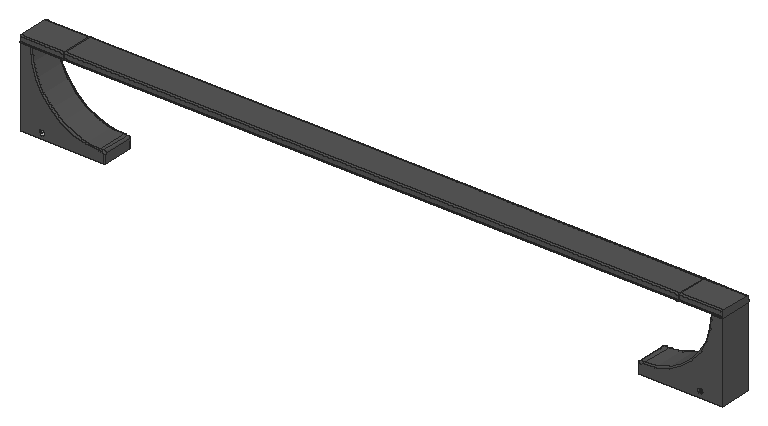
Revit family "Accessory-Towel_Bar-KOHLER-Minimal-K-26568", category Specialty Equipment, host Face, Revit 2021
Family settings
  Host = Face
  Round Connector Dimension = Use Diameter
  Part Type = Normal
  OmniClass Number = 23.31.25.25
  OmniClass Title = Towel Bars
  Cut with Voids When Loaded = No
  Shared = No
  Room Calculation Point = No
Parameters (values of type "BL-Matte Black")
  Width = 1 13/128"  # constant formula
  WaterSense Certified = 1 = 0  # no
  URL = "https://www.us.kohler.com/us/"
  Type = 1
  Product Page URL = "http://www.us.kohler.com/us/catalog/productDetails.jsp?productId=26568"
  Product Name = "Minimal\r\n"  # constant formula
  Product Documentation Link = "https://www.us.kohler.com/webassets/kpna/catalog/pdf/en/K-26568_spec_US-CA_Kohler_en.pdf"
  Model = if(Type = 1, "K-26568-BL", if(Type = 2, "K-26568-BN", if(Type = 3, "K-26568-CP", "NA")))  # "K-26568-BL"
  Material = "Premium Metal Construction"  # constant formula
  Master Format 2014 Name = "Toilet, Bath, and Laundry Accessories"  # constant formula
  Master Format 2014 = "10 28 00"  # constant formula
  Manufacturer Address = "444 Highland Dr, Kohler, WI 53044"  # constant formula
  Manufacturer = "Kohler Co."  # constant formula
  Length = 24"  # constant formula
  Height = 2 15/16"  # constant formula
  Finish = Kohler-Metal-BL-Matte_Black
  Environmental Product Declaration = ""
  Description = "24 Inch Towel Bar"  # constant formula
  Default Elevation = 42"
  Declare Label = ""
  Date Modified = "12/29/2022"  # constant formula
  Date Created = "12/29/2022"  # constant formula
  Copyright = "Copyright Kohler Co."  # constant formula
  Contact Us = "https://www.us.kohler.com/us/static/contact.jsp"
  Assembly Code = "C1030200"
  ADA Compliant = 1 = 0  # no
Types (4): name | Type | Model | Finish
  (no name) | 1 | "K-26568-BL" | Kohler-Metal-BL-Matte_Black
  BL-Matte Black | 1 | "K-26568-BL" | Kohler-Metal-BL-Matte_Black
  BN-Vibrant Brushed Nickel | 2 | "K-26568-BN" | Kohler-Metal-BN-Vibrant_Brushed_Nickel
  CP-Polished Chrome | 3 | "K-26568-CP" | Kohler-Metal-CP-Polished_Chrome
Reference planes
  plane 1 "Center (Front/Back)": y = 0
  plane 2: z = 0
  plane 3 "Center (Left/Right)": x = 0
  plane 4: x = 304.8
  plane 5: x = -304.8
  plane 6: y = 14.001
  plane 7: y = -13.979
  plane 8: z = 74.612
  plane 9: z = 68.581
  plane 10: x = -285.753
  plane 11: x = 285.753
  plane 12: x = -231.281
  plane 13: x = 231.281
Dimensions and locks
  "Length": plane 5 to plane 4
  "Width": plane 7 to plane 6
  "Height": plane 8 to level
  plane 11 to plane 10 = 22.50025"
  aligned and locked: plane 2 to host face
  aligned and locked: level to host face
Automatic sketch dimensions
  host sketch curve to host sketch curve = 96"  (x2)
Nested families
  nested 1: "K-26568" at (0, 0, 0), type "K-26568"
Definition of nested family "K-26568"
  Parameters (values of type "K-26568")
    Material = none
    Default Elevation = 0"
  Reference planes
    plane 1 "Center (Front/Back)": y = 0
    plane 2: z = 0
    plane 3 "Center (Left/Right)": x = 0
    plane 4: x = 304.8
    plane 5: x = -304.8
    plane 6: y = 14.001
    plane 7: y = -14.001
    plane 8: z = 74.582
    plane 9: z = 68.581
    plane 10: through (0, -4.701, 4.86) normal (0, -0.9659, 0.2588)
    plane 11: x = -285.753
    plane 12: x = 285.753
    plane 13: x = 231.281
    plane 14: x = -231.281
  Forms (mm)
    Extrusion 1, solid, material <- "Material", detail levels medium+fine
      sketch origin (0, 0, 0) x (0, 1, 0) y (0, 0, 1)
        loop
          line (13.062, 74.582) -> (-13.017, 74.582)
          arc (-13.017, 74.582) -> (-13.713, 74.294) -> (-14.001, 73.598) r 0.984
          line (-14.001, 73.598) -> (-14.001, 69.549)
          arc (-14.001, 69.549) -> (-13.717, 68.864) -> (-13.032, 68.581) r 0.969
          line (-13.032, 68.581) -> (13.013, 68.581)
          arc (13.013, 68.581) -> (13.712, 68.87) -> (14.001, 69.568) r 0.987
          line (14.001, 69.568) -> (14.001, 73.643)
          arc (14.001, 73.643) -> (13.726, 74.307) -> (13.062, 74.582) r 0.939
      from -304.8 to -266.931
    Sweep 2, solid, material <- "Material", detail levels medium+fine
      path origin (0, 0, 0) x (1, 0, 0) y (0, 0, 1)
        loop
          arc (-294.8, 68.581) -> (-277.629, 27.126) -> (-236.174, 9.955) r 58.626
          line (-236.174, 9.955) -> (-233.231, 9.955)
          arc (-233.231, 9.955) -> (-231.852, 9.384) -> (-231.281, 8.005) r 1.95
          line (-231.281, 8.005) -> (-231.281, 0)
      profile origin (-231.281, 0, 4.003) x (0, -1, 0) y (1, 0, 0)
        loop
          line (-14.001, -0.982) -> (-14.001, -1.787) -> (14.001, -1.787) -> (14.001, -0.961)
          arc (14.001, -0.961) -> (13.719, -0.281) -> (13.04, 0) r 0.961
          line (13.04, 0) -> (-13.019, 0)
          arc (-13.019, 0) -> (-13.713, -0.288) -> (-14.001, -0.982) r 0.982
    Extrusion 3, solid, material <- "Material", detail levels medium+fine
      sketch origin (0, 0, 0) x (1, 0, 0) y (0, 0, 1)
        loop
          line (-304.8, 68.581) -> (-304.8, 0) -> (-232.568, 0) -> (-232.568, 8.668) -> (-236.174, 8.668)
          arc (-236.174, 8.668) -> (-278.539, 26.216) -> (-296.087, 68.581) r 59.913
          line (-296.087, 68.581) -> (-304.8, 68.581)
      from -14.001 to 14.001
    Extrusion 4, solid, material <- "Material", detail levels medium+fine
      sketch origin (659.6, 0, 0) x (0, 1, 0) y (0, 0, 1)
        loop
          line (13.062, 74.582) -> (-13.017, 74.582)
          arc (-13.017, 74.582) -> (-13.713, 74.294) -> (-14.001, 73.598) r 0.984
          line (-14.001, 73.598) -> (-14.001, 69.549)
          arc (-14.001, 69.549) -> (-13.717, 68.864) -> (-13.032, 68.581) r 0.969
          line (-13.032, 68.581) -> (13.013, 68.581)
          arc (13.013, 68.581) -> (13.712, 68.87) -> (14.001, 69.568) r 0.987
          line (14.001, 69.568) -> (14.001, 73.643)
          arc (14.001, 73.643) -> (13.726, 74.307) -> (13.062, 74.582) r 0.939
      from -926.531 to -392.674
    Extrusion 5, solid, material <- "Material", detail levels medium+fine
      sketch origin (0, 0, 0) x (0, 1, 0) y (0, 0, -1)
        loop
          arc (13.062, -74.582) -> (13.726, -74.307) -> (14.001, -73.643) r 0.939
          line (14.001, -73.643) -> (14.001, -69.568)
          arc (14.001, -69.568) -> (13.712, -68.87) -> (13.013, -68.581) r 0.987
          line (13.013, -68.581) -> (-13.032, -68.581)
          arc (-13.032, -68.581) -> (-13.717, -68.864) -> (-14.001, -69.549) r 0.969
          line (-14.001, -69.549) -> (-14.001, -73.598)
          arc (-14.001, -73.598) -> (-13.713, -74.294) -> (-13.017, -74.582) r 0.984
          line (-13.017, -74.582) -> (13.062, -74.582)
      from -304.8 to -266.931
    Extrusion 6, void
      sketch origin (0, 0, 0) x (1, 0, 0) y (0, 0, 1)
        loop
          arc (-287.918, 7.087) -> (-287.883, 6.035) -> (-288.276, 5.059) r 2.554
          arc (-288.276, 5.059) -> (-287.222, 4.136) -> (-286.198, 3.179) r 44.031
          arc (-286.198, 3.179) -> (-285.55, 3.256) -> (-284.909, 3.377) r 9.659
          arc (-284.909, 3.377) -> (-284.54, 3.546) -> (-284.272, 3.85) r 0.974
          arc (-284.272, 3.85) -> (-283.71, 5.005) -> (-283.288, 6.22) r 10.811
          arc (-283.288, 6.22) -> (-283.808, 7.031) -> (-284.511, 7.69) r 3.904
          arc (-284.511, 7.69) -> (-285.449, 8.072) -> (-286.457, 7.971) r 2.103
          arc (-286.457, 7.971) -> (-287.232, 7.603) -> (-287.918, 7.087) r 4.269
        loop
          arc (287.918, 7.087) -> (287.232, 7.603) -> (286.457, 7.971) r 4.269
          arc (286.457, 7.971) -> (285.449, 8.072) -> (284.511, 7.69) r 2.103
          arc (284.511, 7.69) -> (283.808, 7.031) -> (283.288, 6.22) r 3.904
          arc (283.288, 6.22) -> (283.71, 5.005) -> (284.272, 3.85) r 10.811
          arc (284.272, 3.85) -> (284.54, 3.546) -> (284.909, 3.377) r 0.974
          arc (284.909, 3.377) -> (285.55, 3.256) -> (286.198, 3.179) r 9.659
          arc (286.198, 3.179) -> (287.222, 4.136) -> (288.276, 5.059) r 44.031
          arc (288.276, 5.059) -> (287.883, 6.035) -> (287.918, 7.087) r 2.554
      from 12.063 to 16.292
    Extrusion 7, solid, detail levels medium+fine
      sketch origin (0, -5.217, 2.934) x (0, 0.258819, 0.965926) y (-1, 0, 0)
        loop
          line (1.372, 287.076) -> (-0.125, 287.076) -> (-0.889, 285.753) -> (-0.125, 284.43) -> (1.372, 284.43) -> (2.136, 285.753) -> (1.372, 287.076)
        loop
          circle (0.623, 285.753) r 2.329
      from 5.349 to 8.584
    Extrusion 8, solid, detail levels medium+fine
      sketch origin (0, -5.217, 2.934) x (0, 0.258819, 0.965926) y (-1, 0, 0)
        loop
          line (1.372, -287.076) -> (2.136, -285.753) -> (1.372, -284.43) -> (-0.125, -284.43) -> (-0.889, -285.753) -> (-0.125, -287.076) -> (1.372, -287.076)
        loop
          circle (0.623, -285.753) r 2.329
      from 5.349 to 8.584
    Sweep 9, solid, material <- "Material", detail levels medium+fine
      path origin (0, 0, 0) x (-1, 0, 0) y (0, 0, -1)
        loop
          arc (-294.8, -68.581) -> (-277.629, -27.126) -> (-236.174, -9.955) r 58.626
          line (-236.174, -9.955) -> (-233.231, -9.955)
          arc (-233.231, -9.955) -> (-231.852, -9.384) -> (-231.281, -8.005) r 1.95
          line (-231.281, -8.005) -> (-231.281, 0)
      profile origin (231.281, 0, 4.003) x (0, -1, 0) y (1, 0, 0)
        loop
          arc (-14.001, 0.982) -> (-13.713, 0.288) -> (-13.019, 0) r 0.982
          line (-13.019, 0) -> (13.04, 0)
          arc (13.04, 0) -> (13.719, 0.281) -> (14.001, 0.961) r 0.961
          line (14.001, 0.961) -> (14.001, 1.787) -> (-14.001, 1.787) -> (-14.001, 0.982)
    Extrusion 10, solid, material <- "Material", detail levels medium+fine
      sketch origin (0, 0, 0) x (-1, 0, 0) y (0, 0, -1)
        loop
          line (-304.8, -68.581) -> (-296.087, -68.581)
          arc (-296.087, -68.581) -> (-278.539, -26.216) -> (-236.174, -8.668) r 59.913
          line (-236.174, -8.668) -> (-232.568, -8.668) -> (-232.568, 0) -> (-304.8, 0) -> (-304.8, -68.581)
      from -14.001 to 14.001
    Extrusion 11, solid, material <- "Material", detail levels coarse
      sketch origin (0, 0, 0) x (1, 0, 0) y (0, 0, 1)
        loop
          line (-304.8, 68.581) -> (-304.8, 0) -> (-231.281, 0) -> (-231.281, 10.173)
          arc (-231.281, 10.173) -> (-275.893, 25.395) -> (-294.788, 68.581) r 58.486
          line (-294.788, 68.581) -> (-304.8, 68.581)
        loop
          line (304.8, 68.581) -> (294.788, 68.581)
          arc (294.788, 68.581) -> (275.893, 25.395) -> (231.281, 10.173) r 58.486
          line (231.281, 10.173) -> (231.281, 0) -> (304.8, 0) -> (304.8, 68.581)
      from -14.001 to 14.001
    Extrusion 12, solid, material <- "Material", detail levels coarse
      sketch origin (0, 0, 0) x (1, 0, 0) y (0, 0, 1)
        loop
          line (-304.8, 68.581) -> (304.8, 68.581) -> (304.8, 74.582) -> (-304.8, 74.582) -> (-304.8, 68.581)
      from -14.001 to 14.001
  Cuts and joins
    Extrusion 6 cuts Sweep 2
    Extrusion 6 cuts Extrusion 3
    joined: Sweep 2, Extrusion 3
    joined: Extrusion 7, Extrusion 8
    Extrusion 6 cuts Extrusion 10
    joined: Sweep 9, Extrusion 10
  Lines and regions (mm)
    Masking region 1
      outline origin (0, 0, 0) x (1, 0, 0) y (0, 0, 1)
        loop
          line (304.264, 74.582) -> (-304.264, 74.582)
          arc (-304.264, 74.582) -> (-304.643, 74.425) -> (-304.8, 74.046) r 0.536
          line (-304.8, 74.046) -> (-304.8, 69.317)
          arc (-304.8, 69.317) -> (-304.559, 68.77) -> (-303.993, 68.581) r 0.739
          line (-303.993, 68.581) -> (-304.8, 68.581) -> (-304.8, 0) -> (-231.281, 0) -> (-231.281, 8.034)
          arc (-231.281, 8.034) -> (-231.844, 9.394) -> (-233.204, 9.957) r 1.923
          line (-233.204, 9.957) -> (-236.302, 9.957)
          arc (-236.302, 9.957) -> (-277.707, 27.136) -> (-294.788, 68.581) r 58.486
          line (-294.788, 68.581) -> (294.788, 68.581)
          arc (294.788, 68.581) -> (277.707, 27.136) -> (236.302, 9.957) r 58.486
          line (236.302, 9.957) -> (233.204, 9.957)
          arc (233.204, 9.957) -> (231.844, 9.394) -> (231.281, 8.034) r 1.923
          line (231.281, 8.034) -> (231.281, 0) -> (304.8, 0) -> (304.8, 68.581) -> (303.993, 68.581)
          arc (303.993, 68.581) -> (304.559, 68.77) -> (304.8, 69.317) r 0.739
          line (304.8, 69.317) -> (304.8, 74.046)
          arc (304.8, 74.046) -> (304.643, 74.425) -> (304.264, 74.582) r 0.536
    Masking region 2
      outline origin (0, 0, 0) x (0, 1, 0) y (0, 0, 1)
        loop
          line (13.062, 74.582) -> (-13.062, 74.582)
          arc (-13.062, 74.582) -> (-13.726, 74.307) -> (-14.001, 73.643) r 0.939
          line (-14.001, 73.643) -> (-14.001, 69.568)
          arc (-14.001, 69.568) -> (-13.712, 68.87) -> (-13.013, 68.581) r 0.987
          arc (-13.013, 68.581) -> (-13.713, 68.293) -> (-14.001, 67.599) r 0.982
          line (-14.001, 67.599) -> (-13.982, 0.959)
          spline (-13.982, 0.959) -> (-13.996, 0.856) -> (-13.992, 0.752) -> (-13.97, 0.65) -> (-13.931, 0.55) -> (-13.876, 0.454) -> (-13.804, 0.363) -> (-13.718, 0.28) -> (-13.619, 0.204) -> (-13.507, 0.137) -> (-13.385, 0.08) -> (-13.254, 0.035) -> (-13.116, 0)
          line (-13.116, 0) -> (13.019, 0)
          arc (13.019, 0) -> (13.713, 0.288) -> (14.001, 0.982) r 0.982
          line (14.001, 0.982) -> (14.001, 67.599)
          arc (14.001, 67.599) -> (13.713, 68.293) -> (13.019, 68.581) r 0.982
          arc (13.019, 68.581) -> (13.712, 68.87) -> (14.001, 69.568) r 0.987
          line (14.001, 69.568) -> (14.001, 73.643)
          arc (14.001, 73.643) -> (13.726, 74.307) -> (13.062, 74.582) r 0.939
    Masking region 3
      outline origin (0, 0, 0) x (1, 0, 0) y (0, 1, 0)
        loop
          arc (-303.9, 14.001) -> (-304.536, 13.737) -> (-304.8, 13.101) r 0.9
          line (-304.8, 13.101) -> (-304.8, -13.101)
          arc (-304.8, -13.101) -> (-304.536, -13.737) -> (-303.9, -14.001) r 0.9
          line (-303.9, -14.001) -> (303.9, -14.001)
          arc (303.9, -14.001) -> (304.536, -13.737) -> (304.8, -13.101) r 0.9
          line (304.8, -13.101) -> (304.8, 13.101)
          arc (304.8, 13.101) -> (304.536, 13.737) -> (303.9, 14.001) r 0.9
          line (303.9, 14.001) -> (-303.9, 14.001)
    symbolic lines, detail levels medium+fine
      curve 1: line (266.926, 0, 68.581) -> (266.926, 0, 74.582)
      curve 2: line (-266.931, 0, 68.581) -> (-266.931, 0, 74.582)
      curve 3: line (-303.993, 0, 68.581) -> (-294.788, 0, 68.581)
      curve 4: line (303.993, 0, 68.581) -> (294.788, 0, 68.581)
      curve 5: arc (295.719, 0, 68.581) -> (278.892, 0, 26.682) -> (237.24, 0, 9.254) r 58.486
      curve 6: line (232.291, 0, 9.727) -> (232.291, 0, 0)
      curve 7: line (237.24, 0, 9.254) -> (231.785, 0, 9.254)
      curve 8: line (303.993, 0, 68.581) -> (303.993, 0, -0.054)
      curve 9: line (304.8, 0, 69.317) -> (-304.8, 0, 69.317)
      curve 10: line (304.8, 0, 74.046) -> (-304.8, 0, 74.046)
      curve 11: line (303.993, 0, 68.581) -> (303.993, 0, 74.582)
      curve 12: line (-303.993, 0, 68.581) -> (-303.993, 0, 74.582)
      curve 13: arc (-295.719, 0, 68.581) -> (-279.186, 0, 26.983) -> (-238.081, 0, 9.26) r 58.486
      curve 14: line (-232.291, 0, 9.727) -> (-232.291, 0, 0)
      curve 15: line (-303.993, 0, 68.581) -> (-303.993, 0, -0.054)
      curve 16: line (-238.081, 0, 9.26) -> (-231.65, 0, 9.167)
      curve 17: line (0, 13.019, 68.581) -> (0, -13.013, 68.581)
      curve 18: line (0, 13.019, 0) -> (0, 13.019, 68.581)
      curve 19: line (0, 13.019, 68.581) -> (0, 13.019, 74.582)
      curve 20: line (0, -13.013, 68.581) -> (0, -13.013, 74.582)
      curve 21: line (0, -13.013, 68.581) -> (0, -13.013, 0.019)
      curve 22: line (0, 14.001, 73.643) -> (0, -14.001, 73.643)
      curve 23: line (0, -14.001, 69.568) -> (0, 14.001, 69.568)
      curve 24: line (-266.931, 14.001, 0) -> (-266.931, -14.001, 0)
      curve 25: line (266.931, 14.001, 0) -> (266.931, -14.001, 0)
      curve 26: line (303.9, 13.013, 0) -> (303.9, -13.101, 0)
      curve 27: line (-303.9, -13.101, 0) -> (-303.9, 13.013, 0)
      curve 28: line (-303.9, 13.013, 0) -> (303.9, 13.013, 0)
      curve 29: line (303.9, -13.101, 0) -> (-303.9, -13.101, 0)
      curve 30: line (-303.9, -13.101, 0) -> (-303.9, -14.001, 0)
      curve 31: line (-303.9, -13.101, 0) -> (-304.8, -13.101, 0)
      curve 32: line (-303.9, 13.013, 0) -> (-304.8, 13.013, 0)
      curve 33: line (-303.9, 13.013, 0) -> (-303.9, 14.001, 0)
      curve 34: line (303.9, -13.101, 0) -> (303.9, -14.001, 0)
      curve 35: line (303.9, -13.101, 0) -> (304.8, -13.101, 0)
      curve 36: line (303.9, 13.013, 0) -> (304.8, 13.013, 0)
      curve 37: line (303.9, 13.013, 0) -> (303.9, 14.001, 0)
  Dimensions and locks
    plane 5 to plane 4 = 24"
    plane 5 to plane 3 "Center (Left/Right)" = 12"
    plane 12 to plane 11 = 22.50025"
    aligned and locked: plane 2 to level
